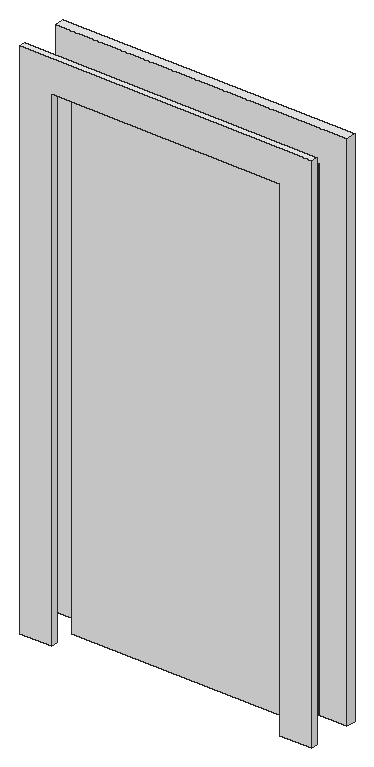
Revit family "Door_Vault", category Doors, host Wall, Revit 2026
Family settings
  Host = Wall
  Classification Number = 23.40.70.27.17
  Always vertical = Yes
  Cut with Voids When Loaded = No
  Shared = No
  Room Calculation Point = No
Parameters (values of type "36x78")
  Warranty Duration (Years) = 5
  UL Rating = "{Class M}{Class 1}{Class 2}{Class 3}"
  Thickness = 0' - 11"
  Test Data = ""
  Specification = "http://www.arcat.com/divs/sec/sec11020.shtml"
  Sales Information = ""
  Rough Width = Width + 0' 3"  # 3' - 3"
  Rough Height = Height + 0' 1 1/2"  # 6' - 7 1/2"
  RH Outswing [instance] = not(LH Outswing)  # no
  Product Properties = "http://www.arcat.com/bim/bim_info.pl?fn=Door_Vault"
  Product Data = "http://www.arcat.com/divs/sec/sec11020.shtml"
  Operation = ""
  Model = "Generic"  # constant formula
  Manufacturer Website = "http://www.arcat.com/"
  Manufacturer Phone - Toll Free = ""
  Manufacturer Phone = "(203) 929-9444"  # constant formula
  Manufacturer Fax = "(203) 929-2444"  # constant formula
  Manufacturer Email = "bim@arcat.com"  # constant formula
  Manufacturer Address = "1077 Bridgeport Ave, Shelton, CT  06484"  # constant formula
  Manufacturer = "Generic"  # constant formula
  Maintenance Schedule (Months) = 3
  Locking Mechanism = "Live Bolting  (10)"
  Lock Type = "3 Tumbler Group II Key Change Combination Lock"
  Lock Finish = ARCAT - Metal - Steel - BHMA632 - Bright Brass
  LH Outswing [instance] = yes
  Keynote = "11020"
  Installation-Fabrication = ""
  Installation Phase = ""
  Hinge Type = "Roller Thrust Bearing"
  Green Building-LEED = ""
  Function = Interior
  Frame Projection Ext. = 0' - 1 1/2"
  Frame Projection Int. = 0' - 1"
  Frame Width = 0' - 5"
  Height = 6' - 6"
  Wall Closure = By host
  Width = 3' - 0"
  Frame Material = ARCAT - Metal - Stainless Steel - BHMA629 - Polished
  Fire Rating = "2 Hour"
  Expected Lifespan (Years) = 25
  Drawn By = "Robert S. Weygant. CSI, CDT, SCIP"  # constant formula
  Door Material = ARCAT - Metal - Steel - BHMA645 - Bright Nickel Plated
  Description = "36x78 Vault Door"
  Copyright = "2008, ARCAT, Inc."  # constant formula
  Construction Details = "http://www.arcat.com/divs/sec/sec11020.shtml"
  Building Codes = ""
  Assembly Code = "E1010120"
Reference planes (in)
  plane 1 "Center (Front/Back)": y = 0
  plane 2 "Center (Left/Right)": x = 0
  plane 3 "Left": x = -18
  plane 4 "Right": x = 18
  plane 5 "Top": z = 78
  plane 6: z = 73
  plane 7: y = 9.92621
  plane 8: y = 5.92621
  plane 9: z = 36.5
Forms (in)
  Extrusion 1, solid, material "ARCAT - Metal - Stainless Steel - BHMA629 - Polished" <- "Frame Material"
    sketch origin (-90, 3, 0) x (-1, 0, 0) y (0, 0, 1)
      loop
        line (-108, 78) -> (-72, 78) -> (-72, 0) -> (-67, 0) -> (-67, 83) -> (-113, 83) -> (-113, 0) -> (-108, 0) -> (-108, 78)
    from -1.07379 to 0.42621
  Extrusion 2, solid, material "ARCAT - Metal - Stainless Steel - BHMA629 - Polished" <- "Frame Material"
    sketch origin (-90, -3, 0) x (1, 0, 0) y (0, 0, 1)
      loop
        line (72, 0) -> (72, 78) -> (108, 78) -> (108, 0) -> (113, 0) -> (113, 83) -> (67, 83) -> (67, 0) -> (72, 0)
    from 1.07379 to 2.07379
  Extrusion 3, solid, material "ARCAT - Metal - Steel - BHMA645 - Bright Nickel Plated" <- "Door Material"
    sketch origin (0, 0, 0) x (1, 0, 0) y (0, 1, 0)
      loop
        line (-18, -1.07379) -> (18, -1.07379) -> (18, 1.92621) -> (18.5, 1.92621) -> (18.5, 2.67621) -> (17.75, 2.67621) -> (17.75, 3.42621) -> (19, 3.42621) -> (19, 5.92621) -> (-2, 5.92621) -> (-2, 9.92621) -> (-17.25, 9.92621) -> (-17.25, 5.92621) -> (-19, 5.92621) -> (-19, 3.42621) -> (-17.75, 3.42621) -> (-17.75, 2.67621) -> (-18.5, 2.67621) -> (-18.5, 1.92621) -> (-18, 1.92621) -> (-18, -1.07379)
    from 0 to 78
  Revolve 4, solid, material "ARCAT - Metal - Steel - BHMA632 - Bright Brass" <- "Lock Finish"
    sketch origin (6.99269, 13, 2) x (0, 1, 0) y (0, 0, 1)
      loop
        line (-4, 36) -> (-7.07379, 36) -> (-7.07379, 35.26068) -> (-5.5, 35.26068) -> (-5.5, 30.77773) -> (-4.375, 30.77773) -> (-4.375, 31.41444) -> (-4.75, 31.41444) -> (-4.75, 34.76068) -> (-4.375, 34.76068) -> (-4.375, 35.26068) -> (-4, 35.26068) -> (-4, 36)
      axis (-4, 36) -> (-7.07379, 36)
    angle from 0 to 360
Lines and regions (in)
  Opening 1
    outline origin (-90, -4.07379, 0) x (1, 0, 0) y (0, 0, 1)
      loop
        line (72, 0) -> (108, 0) -> (108, 78) -> (72, 78) -> (72, 0)
  symbolic lines, style "Elevation Swing"
    curve 1: line (18, 1.92621, 0) -> (-18, 1.92621, 36)
    curve 2: line (-18, 1.92621, 36) -> (18, 1.92621, 78)
  symbolic lines, style "Plan Swing", visible <- "RH Outswing"
    curve 3: line (18, 1.92621, 0) -> (18, 37.92621, 0)
    curve 6: arc (18, 37.92621, 0) -> (-8.12799, 26.69168, 0) -> (-17.94843, 0, 0) r 36
  symbolic lines, style "Plan Swing", visible <- "LH Outswing"
    curve 4: line (-18, 1.92621, 0) -> (-18, 37.92621, 0)
    curve 5: arc (-18, 37.92621, 0) -> (8.12799, 26.69168, 0) -> (17.94843, 0, 0) r 36
Text (in)
  text "Exterior" at (-74.96733, 27.31104, 0), in view "A-101 - Plan View"
  text "Interior" at (-74.96733, -25.14366, 0), in view "A-101 - Plan View"
  text "Exterior" at (0, 40.15149, 123.01588), in view "Right"
  text "Interior" at (0, -64.39139, 123.01588), in view "Right"
  text "Interior" at (0, -31.01599, 123.00693), in view "A-202 - Side Elevation"
  text "Exterior" at (0, 54.57065, 123.00693), in view "A-202 - Side Elevation"
Dimensions and locks (in)
  equal spacing: plane 3 "Left", plane 2 "Center (Left/Right)", plane 4 "Right"
  "Height": level to plane 5 "Top"
  "Width": plane 3 "Left" to plane 4 "Right"
  "Frame Width": Extrusion 2 sketch curve to plane 3 "Left"
  "Frame Width": Extrusion 2 sketch curve to plane 4 "Right"
  "Frame Width": Extrusion 2 sketch curve to plane 5 "Top"
  "Frame Width": Extrusion 1 sketch curve to Extrusion 1 sketch curve  (x2)
  "Frame Width": Extrusion 1 sketch curve to plane 5 "Top"
  "Frame Projection Int.": Extrusion 2 to host wall
  "Frame Projection Ext.": Extrusion 1 to host wall
  "Thickness": host wall to plane 7
  Extrusion 3 to Revolve 4 sketch curve = 0' - 0.92621"
  locked: plane 7 to plane 8 at 4
  equal spacing: level, plane 9, plane 6
  locked: plane 6 to plane 5 "Top" at 5
  Revolve 4 sketch curve to plane 9 = 0' - 0.76068"
  "Width": radius of curve 5
  "Width": radius of curve 6
  aligned and locked: plane 3 "Left" to Opening 1 sketch curve
  aligned and locked: plane 5 "Top" to Opening 1 sketch curve  (x2)
  aligned and locked: Opening 1 sketch curve to plane 4 "Right"
  aligned and locked: Opening 1 sketch curve to level
  aligned and locked: plane 5 "Top" to Extrusion 1 sketch curve  (x2)
  aligned and locked: plane 3 "Left" to Extrusion 1 sketch curve
  aligned and locked: Extrusion 1 sketch curve to plane 3 "Left"
  aligned and locked: level to Extrusion 1 sketch curve
  aligned and locked: plane 4 "Right" to Extrusion 1 sketch curve
  aligned and locked: Extrusion 1 to host wall
  aligned and locked: plane 3 "Left" to Extrusion 2 sketch curve
  aligned and locked: plane 5 "Top" to Extrusion 2 sketch curve  (x2)
  aligned and locked: plane 4 "Right" to Extrusion 2 sketch curve  (x2)
  aligned and locked: level to Extrusion 2 sketch curve
  aligned and locked: Extrusion 2 sketch curve to level
  aligned and locked: Extrusion 2 to host wall
  aligned and locked: plane 4 "Right" to curve 1
  aligned and locked: plane 3 "Left" to curve 1
  aligned and locked: plane 5 "Top" to curve 2
  aligned and locked: plane 7 to Extrusion 3
  aligned and locked: Extrusion 3 to plane 5 "Top"
  aligned and locked: plane 5 "Top" to Extrusion 1
  aligned and locked: plane 8 to Extrusion 3
  aligned and locked: plane 8 to Revolve 4  (x2)
  aligned and locked: curve 3 to Extrusion 3
  aligned and locked: curve 3 to host wall
  aligned and locked: Extrusion 3 to curve 4
  aligned and locked: host wall to curve 4
  aligned and locked: plane 1 "Center (Front/Back)" to curve 5
  aligned and locked: plane 1 "Center (Front/Back)" to curve 6
Automatic sketch dimensions
  curve 1 to level = 0' - 0"
  curve 2 to plane 4 "Right" = 0' - 0"
  curve 2 to plane 9 = 0' - 0 1/2"
  Extrusion 1 sketch curve to level = 0' - 0"
  Extrusion 2 sketch curve to level = 0' - 0"
  Extrusion 3 sketch curve to plane 8 = 0' - 0"  (x2)
  Extrusion 3 sketch curve to host wall = 0' - 0"  (x3)
  Extrusion 3 sketch curve to plane 3 "Left" = 0' - 0"
  Extrusion 3 sketch curve to plane 7 = 0' - 0"
  Extrusion 3 sketch curve to plane 4 "Right" = 0' - 0"
  plane 3 "Left" to Extrusion 3 sketch curve = 0' - 0 1/2"
  plane 3 "Left" to Extrusion 3 sketch curve = 0' - 1"
  Extrusion 3 sketch curve to plane 3 "Left" = 0' - 0 1/4"
  Extrusion 3 sketch curve to plane 3 "Left" = 0' - 0 3/4"
  Extrusion 3 sketch curve to plane 2 "Center (Left/Right)" = 0' - 2"
  plane 4 "Right" to Extrusion 3 sketch curve = 0' - 0 1/4"
  Extrusion 3 sketch curve to plane 4 "Right" = 0' - 0 1/2"
  Extrusion 3 sketch curve to plane 4 "Right" = 0' - 1"
  Extrusion 3 sketch curve to Extrusion 3 sketch curve = 0' - 0 3/4"  (x3)
  host wall to Extrusion 3 sketch curve = 0' - 0 3/4"
  Revolve 4 sketch curve to plane 8 = 0' - 0"
  host wall to Revolve 4 sketch curve = 0' - 0.32379"
  plane 8 to Revolve 4 sketch curve = 0' - 1.57379"
  Revolve 4 sketch curve to Revolve 4 sketch curve = 0' - 0 3/4"
  Revolve 4 sketch curve to Revolve 4 sketch curve = 0' - 0 3/8"  (x2)
  plane 7 to Revolve 4 sketch curve = 0' - 1.32379"
  plane 9 to Revolve 4 sketch curve = 0' - 0.26068"
  Revolve 4 sketch curve to plane 9 = 0' - 3.08556"
  Revolve 4 sketch curve to Revolve 4 sketch curve = 0' - 0 163/256"
  Revolve 4 sketch curve to Revolve 4 sketch curve = 0' - 0 1/2"
  plane 9 to Revolve 4 sketch curve = 0' - 1 1/2"
  Revolve 4 sketch curve to Revolve 4 sketch curve = 0' - 0.73932"
  curve 6 to host wall = 0' - 0"
  curve 5 to host wall = 0' - 0"
